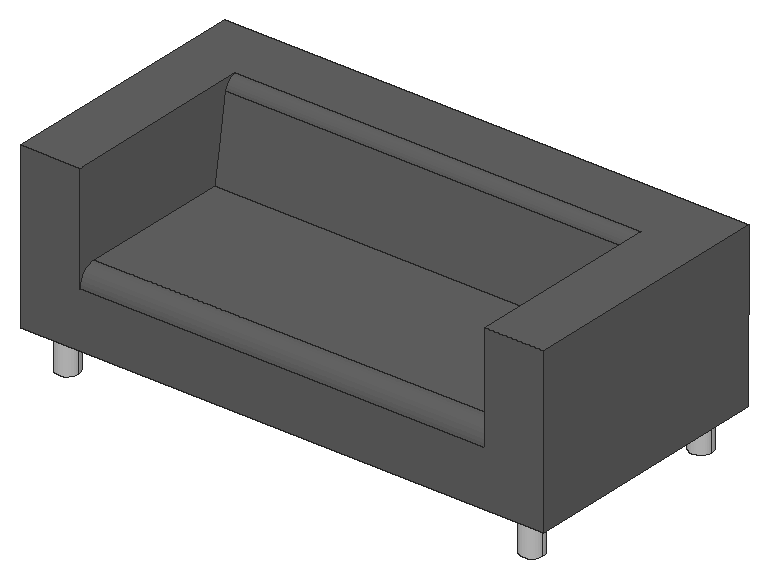
Revit family
Parameters (values of type "Black Leather")
  Seat Material = Textile - Leather - Black
  Leg Material = BRUSHED ALUMINUM
  Frame Material = Textile - Leather - Black
  Assembly Code = "E2020200"
Reference planes (in)
  plane 1 "Center (Front/Back)": y = 5.7541
  plane 2: z = 0
  plane 3 "Center (Left/Right)": x = 2.77049
  plane 4: y = 18.7541
  plane 5: x = 38.20799
  plane 6: x = -32.66701
  plane 7: z = 32
  plane 8: x = -24.66701
  plane 9: x = 30.20799
  plane 10: y = 10.7541
  plane 11: y = -15.8709
  plane 12: z = 27.125
  plane 13: z = 5
  plane 14: x = -28.66701
  plane 15: x = 34.20799
  plane 16: y = -12.8709
  plane 17: y = 15.7541
Forms (in)
  Extrusion 1, solid, material "Textile - Leather - Black" <- "Seat Material"
    sketch origin (0, 0, 0) x (1, 0, 0) y (0, 1, 0)
      loop
        line (-24.66701, 18.7541) -> (-32.66701, 18.7541) -> (-32.66701, -15.8709) -> (-24.66701, -15.8709) -> (-24.66701, 18.7541)
      loop
        line (30.20799, 18.7541) -> (30.20799, -15.8709) -> (38.20799, -15.8709) -> (38.20799, 18.7541) -> (30.20799, 18.7541)
    from 5.03805 to 27.125
  Extrusion 2, solid, material "Textile - Leather - Black" <- "Seat Material"
    sketch origin (38.20799, 2, 0) x (0, -1, 0) y (0, 0, 1)
      loop
        line (15.3709, 15) -> (-4.98882, 15) -> (-6.79194, 25.68561)
        arc (-6.79194, 25.68561) -> (-7.37981, 26.71693) -> (-8.49457, 27.125) r 1.7267
        line (-8.49457, 27.125) -> (-16.7541, 27.125) -> (-16.7541, 5.03805) -> (17.8709, 5.03805) -> (17.8709, 12.5)
        arc (17.8709, 12.5) -> (17.13867, 14.26777) -> (15.3709, 15) r 2.5
    from 8 to 62.875
  Extrusion 3, solid, material "BRUSHED ALUMINUM" <- "Leg Material"
    sketch origin (0, 0, 0) x (1, 0, 0) y (0, 1, 0)
      loop
        circle (-28.66701, 15.7541) r 1.5
    from 0 to 5
  Extrusion 4, solid, material "BRUSHED ALUMINUM" <- "Leg Material"
    sketch origin (62.875, 0, 0) x (1, 0, 0) y (0, 1, 0)
      loop
        circle (-28.66701, 15.7541) r 1.5
    from 0 to 5
  Extrusion 5, solid, material "BRUSHED ALUMINUM" <- "Leg Material"
    sketch origin (62.875, -28.625, 0) x (1, 0, 0) y (0, 1, 0)
      loop
        circle (-28.66701, 15.7541) r 1.5
    from 0 to 5
  Extrusion 6, solid, material "BRUSHED ALUMINUM" <- "Leg Material"
    sketch origin (0, -28.625, 0) x (1, 0, 0) y (0, 1, 0)
      loop
        circle (-28.66701, 15.7541) r 1.5
    from 0 to 5
Cuts and joins
  joined: Extrusion 1, Extrusion 2
Lines and regions (in)
  symbolic lines
    curve 1: line (-32.66701, 18.7541, 0) -> (-24.66701, 18.7541, 0)
    curve 2: line (-32.66701, -15.8709, 0) -> (-32.66701, 18.7541, 0)
    curve 3: line (-24.66701, -15.8709, 0) -> (-32.66701, -15.8709, 0)
    curve 4: line (-24.66701, 18.7541, 0) -> (-24.66701, -15.8709, 0)
    curve 5: line (30.20799, 18.7541, 0) -> (38.20799, 18.7541, 0)
    curve 6: line (30.20799, -15.8709, 0) -> (30.20799, 18.7541, 0)
    curve 7: line (38.20799, -15.8709, 0) -> (30.20799, -15.8709, 0)
    curve 8: line (38.20799, 18.7541, 0) -> (38.20799, -15.8709, 0)
    curve 9: line (-24.66701, 18.7541, 0) -> (30.20799, 18.7541, 0)
    curve 10: line (-24.66701, 8.79194, 0) -> (-24.66701, 18.7541, 0)
    curve 11: line (30.20799, 8.79194, 0) -> (-24.66701, 8.79194, 0)
    curve 12: line (30.20799, 18.7541, 0) -> (30.20799, 8.79194, 0)
    curve 13: line (-24.66701, -15.8709, 0) -> (30.20799, -15.8709, 0)
  model lines
    curve 14: line (-32.66701, 1.4416, 27.125) -> (-32.66701, 1.4416, 5.03805)
    curve 15: line (-32.66701, 18.7541, 16.08153) -> (-32.66701, -15.8709, 16.08153)
    curve 16: line (38.20799, 1.4416, 27.125) -> (38.20799, 1.4416, 5.03805)
    curve 17: line (38.20799, -15.8709, 16.08153) -> (38.20799, 18.7541, 16.08153)
    curve 18: line (2.77049, 18.7541, 27.125) -> (2.77049, 18.7541, 5.03805)
  model lines, style "Furniture"
    curve 19: line (38.20799, 18.7541, 16.08153) -> (-32.66701, 18.7541, 16.08153)
Dimensions and locks (in)
  plane 6 to plane 3 "Center (Left/Right)" to plane 5 = 2' - 11 7/16", 2' - 11 7/16"
  plane 9 to plane 5 = 0' - 8"
  plane 6 to plane 8 = 0' - 8"
  plane 6 to plane 5 = 5' - 10 7/8"
  plane 13 to Extrusion 1 = 0' - 0.03805"
  aligned and locked: plane 6 to Extrusion 1
  aligned and locked: Extrusion 1 to plane 8
  aligned and locked: plane 9 to Extrusion 1
  aligned and locked: Extrusion 2 to Extrusion 1  (x2)
  aligned and locked: curve 1 to Extrusion 1
  aligned and locked: curve 4 to Extrusion 2
  aligned and locked: curve 4 to Extrusion 1
  aligned and locked: curve 5 to Extrusion 1
  aligned and locked: Extrusion 1 to curve 8
  aligned and locked: curve 8 to Extrusion 1
  aligned and locked: curve 1 to curve 9
  aligned and locked: curve 12 to Extrusion 2
  aligned and locked: curve 13 to curve 3
